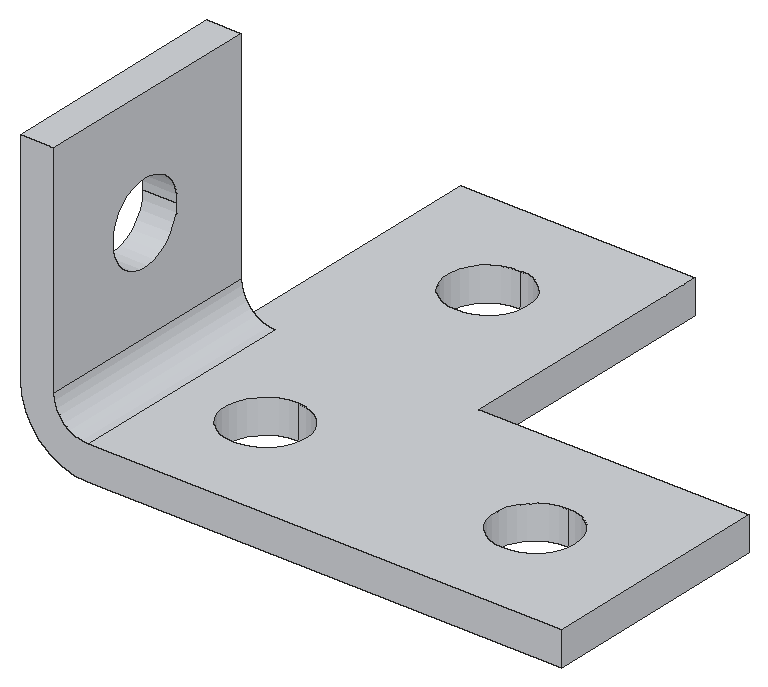
Revit family "Fitting-Ninety_Degree_Angle-Unistrut-P1034", category Specialty Equipment, Revit 2012
Parameters
  ecoScorecard_data = "http://products.ecoscorecard.com/atkore/P1034"
  ecoScorecard Product Page = "http://products.ecoscorecard.com/atkore/P1034?action=html"
  Weight Per Piece = 0.80 lbf
  Unit = none
  Unistrut Part Number = "P1034"  # constant formula
  URL = "http://unistrut.us/index.php"
  Thickness = 0' - 0 1/4"
  Subcategory = "Nintey Degree Angle Fittings"
  Product Page URL = "http://unistrut.us/index.php?WP=cat_detail&S=S05&P=P1034"
  Power Strut Part Number = "PS 716 R"  # constant formula
  Part Type = "Fitting"  # constant formula
  Overall Width = 0' - 3 1/2"
  Overall Length = 0' - 3 1/2"
  Overall Height = 0' - 2"
  Model = "P1034"
  Material = ""
  Manufacturer Phone - Toll Free = "800-882-5543"  # constant formula
  Manufacturer Phone = "708-339-1610"  # constant formula
  Manufacturer Fax = "708-339-7814"  # constant formula
  Manufacturer Email = "mailto:jshaw@atkore.com"
  Manufacturer Address = "16100 South Lathrop Avenue, Harvey, IL 60426"  # constant formula
  Manufacturer = "Unistrut by Atkore International"  # constant formula
  Load Capacity Note = "Visit the product page for load application and capacity."  # constant formula
  Literature URL = "http://unistrut.us/index.php?WP=LItLibrary"
  Hole Radius = Hole Diameter / 2  # 0' - 0 9/32"
  Hole Diameter = 0' - 0 9/16"
  Default Elevation = 4' - 0"
  Cost Info = "mailto:jshaw@atkore.com"
  Category = "Specialty Equipment"  # constant formula
  CAD URL = "http://unistrut.us/index.php?WP=CAD3d"
  Assembly Code = "D5020100"
  95 CSI = "16070"  # constant formula
  04 CSI = "26 05 48"  # constant formula
Reference planes (in)
  plane 1 "Center (Front/Back)": y = 0
  plane 2: z = 0
  plane 3 "Center (Left/Right)": x = 0
  plane 4: y = 1.1127
  plane 5: x = 1.0625
  plane 6: y = -0.86365
  plane 7: x = -0.78723
  plane 8: z = 1.1875
  plane 9: y = -0.788
Dimensions and locks (in)
  "Overall Width": nested 1 to nested 1
  "Overall Length": nested 1 to nested 1
  "Overall Height": nested 1 to plane 2
  aligned and locked: level to plane 2
  aligned and locked: nested 1 to plane 3 "Center (Left/Right)"
Nested families (in)
  nested 1: "Fitting" at (0, -0.86365, 0) x (0, -1, 0) z (0, 0, 1), type "Fitting"
Definition of nested family "Fitting"
  Parameters (values of type "Fitting")
    ecoScorecard_data = "http://products.ecoscorecard.com/atkore/P1823"
    ecoScorecard Product Page = "http://products.ecoscorecard.com/atkore/P1823?action=html"
    Weight Per Piece = 0.55 lbf
    Unit = none
    URL = "http://unistrut.us/index.php"
    Thickness = 0' - 0 1/4"
    Subcategory = "Nintely Degree Angle Fittings"
    Product Page URL = "http://unistrut.us/index.php?WP=cat_detail&S=S05&P=P1823"
    Overall Width = 0' - 3 1/4"
    Overall Length = 0' - 1 7/8"
    Overall Height = 0' - 0 9/16"
    Model = "P1823"
    Material = ""
    Manufacturer Phone - Toll Free = "800-882-5543"  # constant formula
    Manufacturer Phone = "708-339-1610"  # constant formula
    Manufacturer Fax = "708-339-7814"  # constant formula
    Manufacturer Email = "mailto:questions@atkore.com"
    Manufacturer Address = "16100 South Lathrop Avenue, Harvey, IL 60426"  # constant formula
    Manufacturer = "Atkore International"  # constant formula
    Load Capacity Note = "Visit the product page for load application and capacity."  # constant formula
    Literature URL = "http://unistrut.us/index.php?WP=LItLibrary"
    Hole Radius = Hole Diameter / 2  # 0' - 0 9/32"
    Hole Diameter = 0' - 0 9/16"
    Default Elevation = 4' - 0"
    Cost Info = "mailto:questions@atkore.com"
    Category = "Specialty Equipment"  # constant formula
    CAD URL = "http://unistrut.us/index.php?WP=CAD3d"
    Assembly Code = "D5020100"
    95 CSI = "16070"  # constant formula
    04 CSI = "26 05 48"  # constant formula
  Reference planes (in)
    plane 1 "Center (Front/Back)": y = 0
    plane 2: z = 0
    plane 3 "Center (Left/Right)": x = 0
  Forms (in)
    Extrusion 1, solid, material <- "Unit"
      sketch origin (0, 0, 0) x (1, 0, 0) y (0, 1, 0)
        loop
          line (-2.78885, 0) -> (-2.78885, -1.625) -> (-0.91385, -1.625) -> (-0.91385, -1.41732) -> (0.71115, -1.41732) -> (0.71115, 1.875) -> (-0.91385, 1.875) -> (-0.91385, 0) -> (-2.78885, 0)
      from 0 to 0.23622
    Extrusion 2, solid, material <- "Unit"
      sketch origin (0, 0, 0) x (0, 1, 0) y (0, 0, 1)
        loop
          line (-1.65354, 0.47244) -> (-1.65354, 2) -> (-1.88976, 2) -> (-1.88976, 0.47244)
          arc (-1.88976, 0.47244) -> (-1.75139, 0.13837) -> (-1.41732, 0) r 0.47244
          line (-1.41732, 0) -> (-1.41732, 0.23622)
          arc (-1.41732, 0.23622) -> (-1.58436, 0.30541) -> (-1.65354, 0.47244) r 0.23622
      from -0.91385 to 0.71115
    Extrusion 3, void
      sketch origin (0, 0, 0) x (1, 0, 0) y (0, 1, 0)
        loop
          circle (-1.97635, -0.78723) r 0.28125
        loop
          circle (-0.07645, -0.8125) r 0.28125
        loop
          circle (-0.07645, 1.0625) r 0.28125
      from 0 to 0.23622
    Extrusion 4, void
      sketch origin (0, 0, 0) x (1, 0, 0) y (0, 0, 1)
        loop
          circle (-0.07565, 1.1875) r 0.28125
      from 1.65354 to 1.88976
  Cuts and joins
    Extrusion 3 cuts Extrusion 1
    Extrusion 4 cuts Extrusion 2
    joined: Extrusion 1, Extrusion 2
  Dimensions and locks (in)
    cut or joined group of Extrusion 1, Extrusion 2, Extrusion 3, Extrusion 4 to cut or joined group of Extrusion 1, Extrusion 2, Extrusion 3, Extrusion 4 = 0' - 3 1/2"  (x2)
    locked: cut or joined group of Extrusion 1, Extrusion 2, Extrusion 3, Extrusion 4 to Extrusion 3 sketch curve at 0.8125  (x2)
    locked: Extrusion 3 sketch curve to Extrusion 3 sketch curve at 1.875
    Extrusion 1 sketch curve to Extrusion 1 sketch curve = 0' - 1 5/8"
    locked: cut or joined group of Extrusion 1, Extrusion 2, Extrusion 3, Extrusion 4 to cut or joined group of Extrusion 1, Extrusion 2, Extrusion 3, Extrusion 4 at 1.625
    cut or joined group of Extrusion 1, Extrusion 2, Extrusion 3, Extrusion 4 to plane 2 = 0' - 2"
    "Hole Radius": radius of Extrusion 3 sketch curve  (x3)
    "Hole Radius": radius of Extrusion 4 sketch curve
    aligned and locked: level to plane 2
    aligned and locked: Extrusion 1 to Extrusion 3  (x2)
    aligned and locked: Extrusion 2 to Extrusion 4  (x2)
  Automatic sketch dimensions
    Extrusion 2 sketch curve to Extrusion 2 sketch curve = 0' - 0"  (x2)
    Extrusion 2 sketch curve to level = 0' - 0"
    level to Extrusion 2 sketch curve = 0' - 0.47244"
    plane 1 "Center (Front/Back)" to Extrusion 2 sketch curve = 0' - 1.88976"
    Extrusion 2 sketch curve to Extrusion 2 sketch curve = 0' - 0.23622"
    Extrusion 2 sketch curve to Extrusion 2 sketch curve = 0' - 1.52756"
    plane 1 "Center (Front/Back)" to Extrusion 3 sketch curve = 0' - 0.78723"
    Extrusion 3 sketch curve to plane 3 "Center (Left/Right)" = 0' - 0.07645"  (x2)
    Extrusion 4 sketch curve to plane 3 "Center (Left/Right)" = 0' - 0.07565"
    level to Extrusion 4 sketch curve = 0' - 1 3/16"
    plane 1 "Center (Front/Back)" to Extrusion 1 sketch curve = 0' - 0"
    Extrusion 1 sketch curve to plane 3 "Center (Left/Right)" = 0' - 2.78885"
    plane 1 "Center (Front/Back)" to Extrusion 1 sketch curve = 0' - 1.41732"
    Extrusion 1 sketch curve to Extrusion 1 sketch curve = 0' - 0.20768"
    Extrusion 1 sketch curve to plane 1 "Center (Front/Back)" = 0' - 1 7/8"
    plane 3 "Center (Left/Right)" to Extrusion 1 sketch curve = 0' - 0.71115"
    Extrusion 1 sketch curve to plane 3 "Center (Left/Right)" = 0' - 0.91385"
